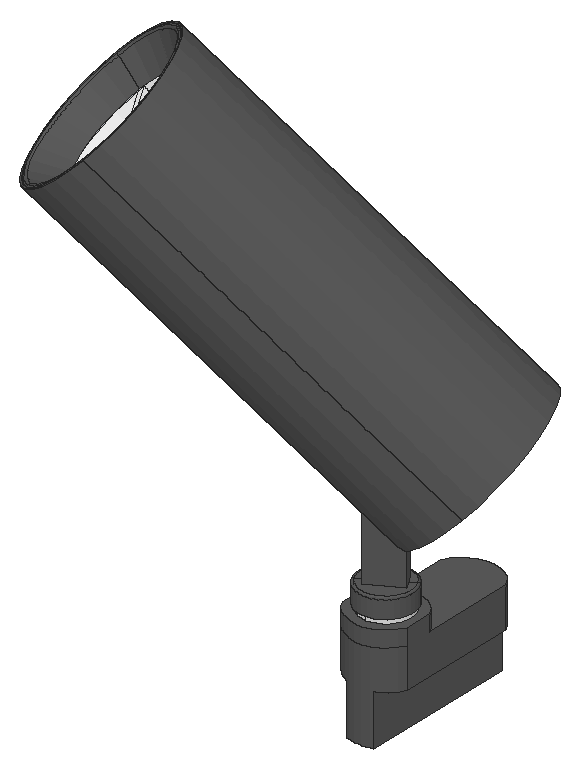
Revit family "0005451", category Lighting Fixtures, host Face, Revit 2017 (continued)
Definition of nested family "START Track Spot Integral Head"
  Types (3, lengths in mm): name | Photometric Web File | built-in parameter 1150142
    0005451 36 | "0005451_36.ies" | "IESNA:LM-63-2002\r\n[TEST] 202010561\r\n[TESTLAB] \r\n[TESTDATE] 4 Jun 2020\r\n[ISSUEDATE] 4 Jun 2020\r\n[MANUFAC] Sylvania\r\n[LUMCAT] 202010561\r\n[LUMINAIRE] FT1081-B-4000£¨36¡ã£©\r\n[FLASHAREA] 0.001373\r\n[LAMPCAT] 202010561\r\n[LAMP] LED 54W - 50.92 W\r\nTILT=NONE\r\n1 5017.20 1.0 181 4 1 2 -0.085 -0.085 0.000\r\n1.00 1.00 50.92\r\n0.00 1.00 2.00 3.00 4.00 5.00 6.00 7.00 8.00 9.00 10.00 \r\n11.00 12.00 13.00 14.00 15.00 16.00 17.00 18.00 19.00 \r\n20.00 21.00 22.00 23.00 24.00 25.00 26.00 27.00 28.00 \r\n29.00 30.00 31.00 32.00 33.00 34.00 35.00 36.00 37.00 \r\n38.00 39.00 40.00 41.00 42.00 43.00 44.00 45.00 46.00 \r\n47.00 48.00 49.00 50.00 51.00 52.00 53.00 54.00 55.00 \r\n56.00 57.00 58.00 59.00 60.00 61.00 62.00 63.00 64.00 \r\n65.00 66.00 67.00 68.00 69.00 70.00 71.00 72.00 73.00 \r\n74.00 75.00 76.00 77.00 78.00 79.00 80.00 81.00 82.00 \r\n83.00 84.00 85.00 86.00 87.00 88.00 89.00 90.00 91.00 \r\n92.00 93.00 94.00 95.00 96.00 97.00 98.00 99.00 100.00 \r\n101.00 102.00 103.00 104.00 105.00 106.00 107.00 108.00 \r\n109.00 110.00 111.00 112.00 113.00 114.00 115.00 116.00 \r\n117.00 118.00 119.00 120.00 121.00 122.00 123.00 124.00 \r\n125.00 126.00 127.00 128.00 129.00 130.00 131.00 132.00 \r\n133.00 134.00 135.00 136.00 137.00 138.00 139.00 140.00 \r\n141.00 142.00 143.00 144.00 145.00 146.00 147.00 148.00 \r\n149.00 150.00 151.00 152.00 153.00 154.00 155.00 156.00 \r\n157.00 158.00 159.00 160.00 161.00 162.00 163.00 164.00 \r\n165.00 166.00 167.00 168.00 169.00 170.00 171.00 172.00 \r\n173.00 174.00 175.00 176.00 177.00 178.00 179.00 180.00 \r\n0.00 30.00 60.00 90.00 \r\n10861.28 11303.53 11191.54 11064.97 10884.67 10695.27 \r\n10387.29 10116.58 9787.29 9423.05 9006.41 8598.68 8173.70 \r\n7747.41 7292.14 6823.21 6399.72 5939.25 5514.62 5061.60 \r\n4655.47 4264.29 3887.16 3522.08 3170.95 2871.87 2547.06 \r\n2264.80 2002.74 1767.75 1571.01 1357.21 1194.98 1042.47 \r\n907.79 791.58 679.20 589.67 502.29 439.29 381.79 328.73 \r\n288.09 253.57 227.43 203.88 184.50 168.92 154.27 143.46 \r\n134.17 126.58 119.48 113.07 106.81 101.77 97.57 93.59 \r\n89.80 85.20 81.03 76.81 72.34 68.16 64.24 60.18 55.83 \r\n51.86 47.74 43.53 39.39 35.08 30.92 26.49 22.20 17.94 \r\n13.73 10.76 8.32 6.15 4.06 2.15 0.80 0.25 0.06 0.04 0.03 \r\n0.03 0.03 0.03 0.03 0.03 0.03 0.04 0.04 0.04 0.04 0.04 \r\n0.04 0.04 0.05 0.05 0.06 0.06 0.07 0.07 0.07 0.08 0.09 \r\n0.09 0.10 0.00 0.00 0.00 0.00 0.00 0.00 0.00 0.00 0.00 \r\n0.00 0.00 0.00 0.00 0.00 0.00 0.00 0.00 0.00 0.00 0.00 \r\n0.00 0.00 0.00 0.00 0.00 0.00 0.00 0.00 0.00 0.00 0.00 \r\n0.00 0.00 0.00 0.00 0.00 0.00 0.00 0.00 0.00 0.00 0.00 \r\n0.00 0.00 0.00 0.00 0.00 0.00 0.00 0.00 0.00 0.00 0.00 \r\n0.00 0.00 0.00 0.00 0.00 0.00 0.00 0.00 0.00 0.00 0.00 \r\n0.00 0.00 0.00 0.00 0.00 0.00 \r\n10861.28 11089.45 11014.83 10885.19 10704.37 10499.45 \r\n10219.39 9942.49 9597.55 9252.68 8890.54 8487.33 8060.52 \r\n7625.34 7191.34 6749.82 6318.46 5888.12 5446.95 5045.66 \r\n4643.70 4245.15 3879.63 3518.99 3197.50 2863.73 2569.52 \r\n2297.42 2047.14 1807.90 1596.08 1405.94 1238.11 1080.01 \r\n941.31 819.30 715.39 619.59 540.60 466.19 407.89 355.97 \r\n311.14 275.36 242.50 217.00 195.03 176.34 161.84 148.88 \r\n138.97 129.60 122.16 115.38 109.49 104.56 99.49 95.04 \r\n90.48 86.01 81.25 76.94 72.58 68.10 64.00 59.87 55.72 \r\n51.70 47.43 43.44 39.26 35.04 30.86 26.60 22.28 18.55 \r\n15.13 11.76 8.78 6.44 4.46 2.98 1.75 0.86 0.33 0.08 0.04 \r\n0.03 0.03 0.04 0.03 0.04 0.04 0.04 0.04 0.04 0.04 0.04 \r\n0.05 0.05 0.05 0.05 0.07 0.07 0.07 0.08 0.08 0.08 0.09 \r\n0.10 0.10 0.00 0.00 0.00 0.00 0.00 0.00 0.00 0.00 0.00 \r\n0.00 0.00 0.00 0.00 0.00 0.00 0.00 0.00 0.00 0.00 0.00 \r\n0.00 0.00 0.00 0.00 0.00 0.00 0.00 0.00 0.00 0.00 0.00 \r\n0.00 0.00 0.00 0.00 0.00 0.00 0.00 0.00 0.00 0.00 0.00 \r\n0.00 0.00 0.00 0.00 0.00 0.00 0.00 0.00 0.00 0.00 0.00 \r\n0.00 0.00 0.00 0.00 0.00 0.00 0.00 0.00 0.00 0.00 0.00 \r\n0.00 0.00 0.00 0.00 0.00 0.00 \r\n10861.28 10902.14 10834.25 10687.95 10529.16 10312.12 \r\n10056.84 9765.01 9447.76 9104.51 8737.01 8350.65 7926.31 \r\n7517.55 7087.67 6669.94 6249.02 5814.16 5409.47 4997.25 \r\n4596.85 4220.81 3856.10 3520.57 3184.20 2881.58 2590.86 \r\n2317.85 2067.77 1840.30 1630.78 1437.87 1277.98 1118.90 \r\n981.72 861.62 752.67 659.69 574.31 503.85 440.00 384.36 \r\n338.20 297.22 265.39 237.20 213.90 193.77 176.86 162.87 \r\n150.47 140.33 130.86 122.66 115.75 109.28 103.55 97.99 \r\n93.07 87.99 83.09 78.32 73.83 69.19 64.54 60.23 56.00 \r\n51.80 47.55 43.40 39.22 35.07 30.94 26.69 22.43 18.60 \r\n15.12 11.89 9.01 6.65 4.63 3.02 1.77 0.86 0.38 0.13 0.03 \r\n0.03 0.03 0.03 0.03 0.03 0.04 0.03 0.04 0.04 0.04 0.04 \r\n0.04 0.05 0.05 0.05 0.05 0.06 0.06 0.07 0.08 0.09 0.09 \r\n0.10 0.10 0.00 0.00 0.00 0.00 0.00 0.00 0.00 0.00 0.00 \r\n0.00 0.00 0.00 0.00 0.00 0.00 0.00 0.00 0.00 0.00 0.00 \r\n0.00 0.00 0.00 0.00 0.00 0.00 0.00 0.00 0.00 0.00 0.00 \r\n0.00 0.00 0.00 0.00 0.00 0.00 0.00 0.00 0.00 0.00 0.00 \r\n0.00 0.00 0.00 0.00 0.00 0.00 0.00 0.00 0.00 0.00 0.00 \r\n0.00 0.00 0.00 0.00 0.00 0.00 0.00 0.00 0.00 0.00 0.00 \r\n0.00 0.00 0.00 0.00 0.00 0.00 \r\n10861.28 10838.58 10759.01 10635.30 10447.28 10262.95 \r\n10010.53 9702.38 9385.54 9046.73 8683.70 8275.30 7883.11 \r\n7468.47 7055.71 6628.83 6203.65 5786.94 5361.57 4959.93 \r\n4572.77 4192.38 3841.24 3497.25 3167.66 2860.31 2575.43 \r\n2304.14 2059.80 1831.47 1628.75 1436.50 1271.23 1122.60 \r\n985.44 865.34 759.16 665.74 582.26 508.55 446.92 392.31 \r\n346.48 304.70 271.50 243.83 219.85 199.11 181.77 166.79 \r\n154.13 142.89 133.41 124.92 116.85 109.89 104.17 98.98 \r\n94.00 88.76 83.78 79.00 74.09 69.55 65.17 60.67 56.02 \r\n51.63 47.49 43.42 39.21 35.06 30.77 26.60 22.41 18.13 \r\n14.34 11.19 8.66 6.34 4.17 2.31 1.11 0.38 0.07 0.03 0.03 \r\n0.03 0.03 0.03 0.03 0.03 0.03 0.03 0.03 0.03 0.03 0.03 \r\n0.03 0.03 0.03 0.04 0.05 0.06 0.06 0.06 0.07 0.07 0.08 \r\n0.08 0.09 0.00 0.00 0.00 0.00 0.00 0.00 0.00 0.00 0.00 \r\n0.00 0.00 0.00 0.00 0.00 0.00 0.00 0.00 0.00 0.00 0.00 \r\n0.00 0.00 0.00 0.00 0.00 0.00 0.00 0.00 0.00 0.00 0.00 \r\n0.00 0.00 0.00 0.00 0.00 0.00 0.00 0.00 0.00 0.00 0.00 \r\n0.00 0.00 0.00 0.00 0.00 0.00 0.00 0.00 0.00 0.00 0.00 \r\n0.00 0.00 0.00 0.00 0.00 0.00 0.00 0.00 0.00 0.00 0.00 \r\n0.00 0.00 0.00 0.00 0.00 0.00 \r\n"
    0005451 54 | "0005451_54.ies" | "IESNA:LM-63-2002\r\n[TEST] 202010561\r\n[TESTLAB] \r\n[TESTDATE] 4 Jun 2020\r\n[ISSUEDATE] 4 Jun 2020\r\n[MANUFAC] Sylvania\r\n[LUMCAT] 202010561\r\n[LUMINAIRE] FT1081-B-4000£¨54¡ã£©\r\n[FLASHAREA] 0.001373\r\n[LAMPCAT] 202010561\r\n[LAMP] LED 54W - 50.28 W\r\nTILT=NONE\r\n1 5029.40 1.0 181 4 1 2 -0.085 -0.085 0.000\r\n1.00 1.00 50.28\r\n0.00 1.00 2.00 3.00 4.00 5.00 6.00 7.00 8.00 9.00 10.00 \r\n11.00 12.00 13.00 14.00 15.00 16.00 17.00 18.00 19.00 \r\n20.00 21.00 22.00 23.00 24.00 25.00 26.00 27.00 28.00 \r\n29.00 30.00 31.00 32.00 33.00 34.00 35.00 36.00 37.00 \r\n38.00 39.00 40.00 41.00 42.00 43.00 44.00 45.00 46.00 \r\n47.00 48.00 49.00 50.00 51.00 52.00 53.00 54.00 55.00 \r\n56.00 57.00 58.00 59.00 60.00 61.00 62.00 63.00 64.00 \r\n65.00 66.00 67.00 68.00 69.00 70.00 71.00 72.00 73.00 \r\n74.00 75.00 76.00 77.00 78.00 79.00 80.00 81.00 82.00 \r\n83.00 84.00 85.00 86.00 87.00 88.00 89.00 90.00 91.00 \r\n92.00 93.00 94.00 95.00 96.00 97.00 98.00 99.00 100.00 \r\n101.00 102.00 103.00 104.00 105.00 106.00 107.00 108.00 \r\n109.00 110.00 111.00 112.00 113.00 114.00 115.00 116.00 \r\n117.00 118.00 119.00 120.00 121.00 122.00 123.00 124.00 \r\n125.00 126.00 127.00 128.00 129.00 130.00 131.00 132.00 \r\n133.00 134.00 135.00 136.00 137.00 138.00 139.00 140.00 \r\n141.00 142.00 143.00 144.00 145.00 146.00 147.00 148.00 \r\n149.00 150.00 151.00 152.00 153.00 154.00 155.00 156.00 \r\n157.00 158.00 159.00 160.00 161.00 162.00 163.00 164.00 \r\n165.00 166.00 167.00 168.00 169.00 170.00 171.00 172.00 \r\n173.00 174.00 175.00 176.00 177.00 178.00 179.00 180.00 \r\n0.00 30.00 60.00 90.00 \r\n5994.56 6010.96 6007.62 5997.65 5980.23 5953.48 5921.19 \r\n5875.14 5816.45 5756.10 5677.95 5592.13 5489.90 5391.64 \r\n5280.96 5167.58 5051.84 4926.20 4800.06 4651.70 4501.25 \r\n4336.87 4152.06 3967.15 3758.98 3557.82 3335.50 3132.75 \r\n2912.07 2701.71 2497.25 2279.30 2082.93 1870.92 1680.03 \r\n1486.97 1308.07 1144.29 991.24 863.33 737.05 641.78 \r\n553.17 479.81 420.98 365.31 322.05 281.88 251.52 224.81 \r\n200.77 181.90 163.10 148.70 135.69 124.55 114.94 106.25 \r\n98.77 91.92 85.89 80.31 75.02 70.19 65.51 61.14 56.91 \r\n52.94 47.34 42.08 37.86 33.93 30.43 27.01 23.96 20.76 \r\n17.06 12.93 9.49 7.13 4.76 2.72 1.09 0.20 0.04 0.03 0.03 \r\n0.03 0.03 0.03 0.03 0.03 0.03 0.03 0.03 0.04 0.04 0.04 \r\n0.04 0.05 0.05 0.05 0.06 0.07 0.07 0.08 0.09 0.10 0.11 \r\n0.11 0.11 0.00 0.00 0.00 0.00 0.00 0.00 0.00 0.00 0.00 \r\n0.00 0.00 0.00 0.00 0.00 0.00 0.00 0.00 0.00 0.00 0.00 \r\n0.00 0.00 0.00 0.00 0.00 0.00 0.00 0.00 0.00 0.00 0.00 \r\n0.00 0.00 0.00 0.00 0.00 0.00 0.00 0.00 0.00 0.00 0.00 \r\n0.00 0.00 0.00 0.00 0.00 0.00 0.00 0.00 0.00 0.00 0.00 \r\n0.00 0.00 0.00 0.00 0.00 0.00 0.00 0.00 0.00 0.00 0.00 \r\n0.00 0.00 0.00 0.00 0.00 0.00 \r\n5994.56 6002.33 5994.00 5981.13 5960.28 5934.49 5897.73 \r\n5847.18 5792.07 5732.19 5660.80 5575.97 5483.52 5383.27 \r\n5277.31 5164.29 5045.27 4915.86 4777.81 4633.61 4469.79 \r\n4303.99 4127.67 3930.52 3734.66 3528.15 3324.96 3112.98 \r\n2905.04 2693.42 2484.59 2276.98 2069.95 1872.01 1674.06 \r\n1490.29 1313.81 1148.87 1004.39 867.73 750.23 646.07 \r\n558.08 483.57 420.44 366.92 323.01 285.50 251.54 224.42 \r\n201.17 180.43 163.16 148.00 135.26 124.44 114.35 105.84 \r\n97.87 91.19 84.99 79.25 74.06 69.08 64.68 60.29 55.73 \r\n51.16 46.93 42.80 37.87 34.19 30.69 27.33 23.93 20.03 \r\n16.41 13.61 10.61 7.34 5.13 3.37 2.12 1.12 0.34 0.04 0.03 \r\n0.03 0.03 0.03 0.04 0.03 0.04 0.04 0.04 0.04 0.04 0.04 \r\n0.04 0.05 0.05 0.05 0.06 0.07 0.07 0.08 0.09 0.10 0.11 \r\n0.11 0.12 0.00 0.00 0.00 0.00 0.00 0.00 0.00 0.00 0.00 \r\n0.00 0.00 0.00 0.00 0.00 0.00 0.00 0.00 0.00 0.00 0.00 \r\n0.00 0.00 0.00 0.00 0.00 0.00 0.00 0.00 0.00 0.00 0.00 \r\n0.00 0.00 0.00 0.00 0.00 0.00 0.00 0.00 0.00 0.00 0.00 \r\n0.00 0.00 0.00 0.00 0.00 0.00 0.00 0.00 0.00 0.00 0.00 \r\n0.00 0.00 0.00 0.00 0.00 0.00 0.00 0.00 0.00 0.00 0.00 \r\n0.00 0.00 0.00 0.00 0.00 0.00 \r\n5994.56 5994.78 5984.03 5967.07 5946.04 5913.27 5876.21 \r\n5830.56 5776.77 5712.91 5637.15 5558.97 5466.13 5370.07 \r\n5268.35 5159.41 5041.56 4910.94 4775.92 4624.18 4466.41 \r\n4301.98 4119.01 3930.96 3731.71 3530.76 3318.40 3111.78 \r\n2897.89 2682.42 2476.13 2258.42 2059.92 1860.82 1665.29 \r\n1476.33 1298.44 1134.74 988.06 861.41 745.22 646.28 \r\n560.97 486.16 422.38 368.09 324.20 284.06 251.48 224.90 \r\n201.12 180.97 163.18 148.30 134.60 123.37 113.70 105.09 \r\n97.68 90.92 84.95 79.59 74.31 69.51 64.89 60.45 55.89 \r\n51.08 46.87 42.63 38.04 34.23 30.76 27.41 23.99 20.39 \r\n16.86 13.68 10.43 7.49 5.16 3.29 1.94 0.97 0.30 0.06 0.03 \r\n0.03 0.03 0.03 0.03 0.03 0.03 0.03 0.04 0.04 0.04 0.04 \r\n0.04 0.04 0.05 0.05 0.06 0.06 0.07 0.08 0.08 0.09 0.11 \r\n0.11 0.12 0.00 0.00 0.00 0.00 0.00 0.00 0.00 0.00 0.00 \r\n0.00 0.00 0.00 0.00 0.00 0.00 0.00 0.00 0.00 0.00 0.00 \r\n0.00 0.00 0.00 0.00 0.00 0.00 0.00 0.00 0.00 0.00 0.00 \r\n0.00 0.00 0.00 0.00 0.00 0.00 0.00 0.00 0.00 0.00 0.00 \r\n0.00 0.00 0.00 0.00 0.00 0.00 0.00 0.00 0.00 0.00 0.00 \r\n0.00 0.00 0.00 0.00 0.00 0.00 0.00 0.00 0.00 0.00 0.00 \r\n0.00 0.00 0.00 0.00 0.00 0.00 \r\n5994.56 5989.23 5980.66 5966.07 5942.80 5910.40 5871.41 \r\n5829.49 5773.91 5714.21 5643.26 5565.93 5476.55 5381.66 \r\n5279.83 5168.72 5050.90 4919.30 4777.41 4628.48 4469.47 \r\n4301.08 4120.75 3933.03 3733.06 3522.33 3311.33 3098.33 \r\n2886.02 2675.96 2467.17 2254.76 2049.67 1848.36 1646.44 \r\n1460.96 1285.13 1122.42 978.00 847.41 731.59 629.82 \r\n543.66 471.79 409.56 357.60 315.62 275.65 243.79 217.93 \r\n195.75 175.36 158.77 144.59 132.04 121.30 111.78 103.60 \r\n96.49 90.15 84.43 79.29 74.45 69.89 65.59 61.41 57.28 \r\n53.15 48.02 42.64 38.44 34.50 30.91 27.59 24.46 21.23 \r\n17.42 13.39 9.80 7.18 4.92 2.84 1.20 0.31 0.03 0.03 0.03 \r\n0.02 0.02 0.02 0.02 0.02 0.03 0.03 0.03 0.03 0.03 0.04 \r\n0.04 0.05 0.05 0.06 0.06 0.07 0.07 0.07 0.08 0.09 0.09 \r\n0.11 0.13 0.00 0.00 0.00 0.00 0.00 0.00 0.00 0.00 0.00 \r\n0.00 0.00 0.00 0.00 0.00 0.00 0.00 0.00 0.00 0.00 0.00 \r\n0.00 0.00 0.00 0.00 0.00 0.00 0.00 0.00 0.00 0.00 0.00 \r\n0.00 0.00 0.00 0.00 0.00 0.00 0.00 0.00 0.00 0.00 0.00 \r\n0.00 0.00 0.00 0.00 0.00 0.00 0.00 0.00 0.00 0.00 0.00 \r\n0.00 0.00 0.00 0.00 0.00 0.00 0.00 0.00 0.00 0.00 0.00 \r\n0.00 0.00 0.00 0.00 0.00 0.00 \r\n"
  Reference planes
    plane 1 "Center (Front/Back)": y = 0
    plane 2: z = 0
    plane 3 "Center (Left/Right)": x = 0
    plane 4: x = 45.5
    plane 5: z = 16.8
    plane 6: z = -198.2
    plane 7: x = 44.5
    plane 8: x = 33
    plane 9: x = 16.5
    plane 10: z = -183.825
    plane 11: z = -164.606
    plane 12: z = -11.2
    plane 13: x = 43.5
    plane 14: x = 38.25
    plane 15: z = -181.825
    plane 16: z = -162.606
    plane 17: z = -1
    plane 18: x = 4.75
    plane 19: x = -4.75
    plane 20: y = -45.5
    plane 21: y = -26.5
    plane 22: x = 42.5
    plane 23: y = -36
  Forms (mm)
    Extrusion 1, solid
      sketch origin (4.2, 0, 0) x (1, 0, 0) y (0, 1, 0)
        loop
          line (-1219.2, 1219.2) -> (-1219.2, -1219.2) -> (1219.2, -1219.2) -> (1219.2, 1219.2) -> (-1219.2, 1219.2)
      from 0 to -68.017
    Revolve 2, solid, material <- "Material_1_SYL"
      sketch origin (0, 0, 0) x (1, 0, 0) y (0, 0, 1)
        loop
          line (45.5, -198.2) -> (45.5, 16.8) -> (44.5, 16.8) -> (44.5, -198.2) -> (45.5, -198.2)
        axis (0, 16.8) -> (0, -198.2)
      angle from 360 to 0
    Revolve 3, solid, material <- "Material_1_SYL"
      sketch origin (0, 0, 0) x (1, 0, 0) y (0, 0, 1)
        loop
          line (44.5, 16.8) -> (43.5, 16.8)
          arc (43.5, 16.8) -> (38.25, 15.673) -> (33, 16.8) r 12.796
          line (33, 16.8) -> (0, 16.8) -> (0, -11.2) -> (44.5, -11.2) -> (44.5, 16.8)
        axis (0, 16.8) -> (0, -11.2)
      angle from 360 to 0
    Revolve 4, solid, material <- "Material_2_SYL"
      sketch origin (0, 0, 0) x (1, 0, 0) y (0, 0, 1)
        loop
          line (44.5, -181.825) -> (0, -181.825) -> (0, -183.825) -> (44.5, -183.825) -> (44.5, -181.825)
        axis (0, -181.825) -> (0, -183.825)
      angle from 360 to 0
    Revolve 5, solid
      sketch origin (0, 0, 0) x (1, 0, 0) y (0, 0, 1)
        loop
          line (0, -164.606) -> (16.5, -164.606)
          arc (16.5, -164.606) -> (30.37, -169.432) -> (38.25, -181.825) r 22.346
          line (38.25, -181.825) -> (44.5, -181.825) -> (44.5, -162.606) -> (0, -162.606) -> (0, -164.606)
        axis (0, -162.606) -> (0, -181.825)
      angle from 360 to 0
    Extrusion 6, void
      sketch origin (1524, -45.5, 1219.2) x (-1, 0, 0) y (0, 0, 1)
        loop
          line (1528.75, -1230.4) -> (1528.75, -1202.4) -> (1519.25, -1202.4) -> (1519.25, -1230.4) -> (1528.75, -1230.4)
      from 0 to 19
    Revolve 7, solid, material <- "Material_1_SYL"
      sketch origin (0, 0, 0) x (1, 0, 0) y (0, 0, 1)
        loop
          line (33, -183.825) -> (42.006, -197.453)
          arc (42.006, -197.453) -> (42.534, -197.999) -> (43.267, -198.2) r 1.437
          line (43.267, -198.2) -> (44.5, -198.2) -> (44.5, -183.825) -> (33, -183.825)
        axis (0, -183.825) -> (0, -198.2)
      angle from 360 to 0
  Cuts and joins
    Extrusion 6 cuts Revolve 3
    Extrusion 6 cuts Revolve 2
  Lines and regions (mm)
    reference lines
      curve 1: arc (33, 0, 16.8) -> (38.25, 0, 15.673) -> (43.5, 0, 16.8) r 12.796
      curve 2: line (33, 0, -183.825) -> (42.5, 0, -198.2)
  Dimensions and locks
    "RadiusHead_SYL": plane 4 to plane 3 "Center (Left/Right)"
    "DistRotateAxisY_SYL": plane 5 to plane 2
    "Height_SYL": plane 5 to plane 6
    locked: plane 4 to plane 7 at 1
    "RadiusLensOut_SYL": plane 8 to plane 3 "Center (Left/Right)"
    "RadiusEmission_SYL": plane 9 to plane 3 "Center (Left/Right)"
    "DepthLens_SYL": plane 10 to plane 6
    "DepthEmission_SYL": plane 11 to plane 6
    locked: plane 5 to plane 12 at 28
    locked: plane 4 to plane 13 at 2
    equal spacing: plane 13, plane 14, plane 8
    locked: plane 5 to curve 1 at 1.127
    locked: plane 15 to plane 10 at 2
    locked: plane 16 to plane 11 at 2
    locked: plane 2 to plane 17 at 1
    equal spacing: plane 18, plane 3 "Center (Left/Right)", plane 19
    "WidthCutOut_SYL": plane 18 to plane 19
    "RadiusHead_SYL": plane 20 to plane 1 "Center (Front/Back)"
    "DepthCutOut_SYL": plane 20 to plane 21
    locked: plane 4 to plane 22 at 3
    equal spacing: plane 20, plane 23, plane 21
    aligned and locked: plane 2 to Extrusion 1
    aligned and locked: level to Extrusion 1
    aligned and locked: plane 8 to curve 1
    aligned and locked: plane 13 to curve 1
    aligned and locked: plane 14 to curve 1
    aligned and locked: plane 5 to curve 1
    aligned and locked: Revolve 2 sketch curve to plane 3 "Center (Left/Right)"
    aligned and locked: Revolve 2 sketch curve to plane 6
    aligned and locked: Revolve 2 sketch curve to plane 4
    aligned and locked: plane 5 to Revolve 2 sketch curve
    aligned and locked: plane 7 to Revolve 2 sketch curve
    aligned and locked: Revolve 3 sketch curve to plane 3 "Center (Left/Right)"
    aligned and locked: Revolve 3 sketch curve to Revolve 2  (x3)
    aligned and locked: Revolve 3 sketch curve to plane 12
    aligned and locked: plane 3 "Center (Left/Right)" to Revolve 3 sketch curve
    aligned and locked: Revolve 3 sketch curve to curve 1
    aligned and locked: plane 5 to Revolve 3 sketch curve
    aligned and locked: Revolve 4 sketch curve to plane 3 "Center (Left/Right)"  (x2)
    aligned and locked: Revolve 4 sketch curve to plane 15
    aligned and locked: plane 7 to Revolve 4 sketch curve
    aligned and locked: Revolve 5 sketch curve to plane 3 "Center (Left/Right)"  (x2)
    aligned and locked: plane 3 "Center (Left/Right)" to Revolve 5 sketch curve
    aligned and locked: plane 9 to Revolve 5 sketch curve
    aligned and locked: plane 11 to Revolve 5 sketch curve
    aligned and locked: plane 14 to Revolve 5 sketch curve
    aligned and locked: plane 15 to Revolve 5 sketch curve
    aligned and locked: plane 12 to Extrusion 6 sketch curve
    aligned and locked: Extrusion 6 sketch curve to plane 19
    aligned and locked: Extrusion 6 sketch curve to plane 5
    aligned and locked: plane 18 to Extrusion 6 sketch curve
    aligned and locked: Extrusion 6 to plane 21
    aligned and locked: plane 20 to Extrusion 6
    aligned and locked: plane 10 to curve 2
    aligned and locked: plane 22 to curve 2
    aligned and locked: Revolve 7 sketch curve to plane 3 "Center (Left/Right)"
    aligned and locked: plane 10 to Revolve 7 sketch curve
    aligned and locked: Revolve 7 sketch curve to Revolve 4
    aligned and locked: Revolve 7 sketch curve to curve 2
    aligned and locked: plane 3 "Center (Left/Right)" to imposter light
    aligned and locked: imposter light to plane 1 "Center (Front/Back)"
    aligned and locked: imposter light to plane 10
  Automatic sketch dimensions
    Extrusion 1 sketch curve to Extrusion 1 sketch curve = 2438.4 mm  (x2)
    plane 6 to Revolve 2 sketch curve = 487.1 mm
    Revolve 2 sketch curve to plane 5 = 2571.558 mm
    plane 6 to Revolve 3 sketch curve = 487.1 mm
    Revolve 3 sketch curve to Revolve 3 sketch curve = 2566.685 mm
    plane 6 to Revolve 4 sketch curve = 487.1 mm
    Revolve 4 sketch curve to plane 5 = 2571.558 mm
    Revolve 5 sketch curve to plane 11 = 2 mm
    plane 6 to Revolve 5 sketch curve = 487.1 mm
    Revolve 5 sketch curve to plane 5 = 2571.558 mm
    Revolve 5 sketch curve to plane 7 = 0 mm
    Revolve 4 sketch curve to plane 10 = 0 mm
    curve 2 to plane 8 = 0 mm
    curve 1 to plane 14 = 0 mm
    curve 2 to plane 6 = 0 mm
    curve 1 to plane 13 = 0 mm
    Revolve 7 sketch curve to plane 6 = 0 mm
    Revolve 7 sketch curve to plane 22 = 0.494 mm
    Revolve 7 sketch curve to plane 13 = 0.233 mm
    plane 6 to Revolve 7 sketch curve = 474.6 mm
    Revolve 7 sketch curve to plane 5 = 2584.058 mm
Types (3, lengths in mm): name | TypeHead_SYL
  0005451 PIXO LARGE 5200LM 940 NB MB WB BLK - 24 degree | START Track Spot Integral Head : 0005451 24
  0005451 PIXO LARGE 5200LM 940 NB MB WB BLK - 36 degree | START Track Spot Integral Head : 0005451 36
  0005451 PIXO LARGE 5200LM 940 NB MB WB BLK - 54 degree | START Track Spot Integral Head : 0005451 54
